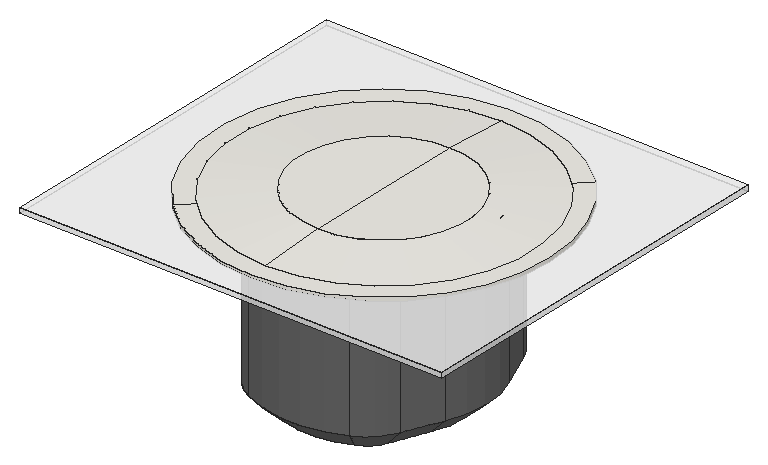
Revit family "PC-1865BS", category Communication Devices, host Face, Revit 2016
Family settings
  Host = Face
  Maintain Annotation Orientation = No
  Part Type = Normal
  Round Connector Dimension = Use Diameter
  OmniClass Number = 23.85.10.11.14
  OmniClass Title = Audio Equipment
  Cut with Voids When Loaded = Yes
  Shared = No
  Room Calculation Point = No
Parameters (values of type "PC- 1865BS")
  r1 = Diameter / 2.5  # 72 mm
  Weight = "860 g (1.9 lb)"
  URL = "http://toa.com.sg"
  Speaker Mounting Method = "Spring Clamp"
  Speaker Component = "12 cm (5\") cone-type"
  Sensitivity = "95 dB (1 W, 1 m) (500 Hz - 5 kHz, pink noise)\r\n93 dB (1 W, 1 m) (100 Hz - 10 kHz, pink noise)\r\n81 dB (1 W, 4 m) (100 Hz - 10 kHz, pink noise)"
  Rated Input = "6 W (100 V line), 3 W (70 V line)"
  Rated Impedance = "100 V line: 1.7k Ω (6 W), 3.3k Ω (3 W), 6.7k Ω (1.5 W), 13k Ω (0.8 W)\r\n70 V line: 1.7k Ω (3 W), 3.3k Ω (1.5 W) 6.7k Ω (0.8 W),13k Ω (0.4 W)"
  Radius = Diameter / 2  # 90 mm
  Operating Temperature = "–10° C to +50° C (14° F to 122° F)"
  Model Type = "Ceiling Mount Speakers"
  Model By = "BIMLIFE PTE LTD"  # constant formula
  Model = "PC-1865BS"
  Mesh = Mesh
  Maximum Sound Pressure Level = "100 dB (6 W, 1 m) (100 Hz - 10 kHz, pink noise)\r\n88 dB (6 W, 4 m) (100 Hz - 10 kHz, pink noise)"
  Manufacturer = "TOA Electronics Pte Ltd"  # constant formula
  Supplier Tel = "+65 6835 9119"  # constant formula
  Supplier Fax = "+65 6835 9559"  # constant formula
  Supplier Address = "491B River Valley Road, #19-03/04 Valley Point Office Tower, Singapore 248373"  # constant formula
  Supplier = "TOA Electronics Pte Ltd"  # constant formula
  Suppiler Email = "http://toa.com.sg"  # constant formula
  Material = OFF-WHITE
  Frequency Response = "200 Hz - 20 kHz (peak -20 dB)"
  Finish = "Frame: Steel plate, white (RAL 9016 equivalent), paint\r\nGrille: Steel net, white (RAL 9016 eauivalent), paint \r\nFire dome: Steel Plate, plate, black, paint"
  Environmental Type = "A (indoor applications)"
  Dimensions for fixing Hole = "Mounting hole: ø150±3 mm (5.91\"±0.12\")\r\nCeiling thickness: 5 - 25 mm (0.2\"- 0.98\")"
  Dimension = "ø180 x 95.6 (D) mm (7.09\" x 3.76\")"
  Diameter = 180 mm
  Default Elevation = 0 mm
  Coverage Angle (-6 dB) = "Horizontal and Vertical: 165°(500 Hz), 175°(1 kHz),\r\n165°(2 kHz), 70°(4 kHz) according to EN 54-24"
  Copyright To = "TOA Electronics Pte Ltd"  # constant formula
  Connection = "2-Steatite connector (2 pole); 1 Screw connection for Earth"
  Applicable Cable = "Solid wire: 0.8 - 6 mm² (AWG 18 - 10)"
  Accessory = "Rubber grommet ... 2, Paper pattern ... 1"
Reference planes
  plane 1 "Center (Front/Back)": y = 0
  plane 2: z = 0
  plane 3 "Center (Left/Right)": x = 0
  plane 4: z = -101
Forms (mm)
  Extrusion 1, solid, material "Surface"
    sketch origin (1.238, -13.929, 0) x (1, 0, 0) y (0, 1, 0)
      loop
        line (-115.316, 118.085) -> (-115.316, -89.567) -> (112.84, -89.567) -> (112.84, 118.085) -> (-115.316, 118.085)
    from 0 to -3
  Revolve 2, solid, material "OFF-WHITE" <- "Material"
    sketch origin (0, 0, 0) x (0.707107, 0.707107, 0) y (0, 0, 1)
      loop
        line (0, 1.8) -> (-90, 1.8) -> (-90, 0) -> (-53, 0)
        spline (-53, 0) -> (-50.088, -4.89) -> (-47.461, -8.624) -> (-45.056, -11.448) -> (-42.812, -13.607) -> (-40.666, -15.344) -> (-38.58, -16.857) -> (-36.56, -18.257) -> (-34.614, -19.652) -> (-32.753, -21.147) -> (-31.052, -22.924) -> (-29.725, -25.322) -> (-29, -28.696)
        line (-29, -28.696) -> (-29, -30.693) -> (0, -30.693) -> (0, 1.8)
      axis (0, 1.8) -> (0, -30.693)
    angle from 0 to 360
  Revolve 3, solid, material "Mesh" <- "Mesh"
    sketch origin (0, 0, 0) x (0, 1, 0) y (0, 0, 1)
      loop
        line (0, 1.8) -> (0, 4.2) -> (-45, 4.2)
        arc (-45, 4.2) -> (-62.541, 3.599) -> (-80, 1.8) r 256.408
        line (-80, 1.8) -> (0, 1.8)
      axis (0, 4.2) -> (0, 1.8)
    angle from 0 to 360
  Extrusion 4, solid, not visible
    sketch origin (43, 0, 0) x (0, -1, 0) y (0, 0, 1)
      loop
        line (-11, -15.693) -> (-11, -25.693) -> (12, -25.693) -> (12, -15.693) -> (-11, -15.693)
      loop
        circle (5.25, -20.693) r 2.5
      loop
        circle (0.5, -23.193) r 1.5
      loop
        circle (10, -23.193) r 1.5
      loop
        circle (0.5, -18.193) r 1.5
      loop
        circle (10, -18.193) r 1.5
      loop
        circle (-4.25, -20.693) r 2.5
      loop
        circle (-9, -23.193) r 1.5
      loop
        circle (-9, -18.193) r 1.5
    from -6 to -8.973
  Extrusion 5, solid, not visible
    sketch origin (43, 0, 0) x (0, -1, 0) y (0, 0, 1)
      loop
        line (-11, -15.693) -> (-11, -25.693) -> (12, -25.693) -> (12, -15.693) -> (-11, -15.693)
    from 0 to -6
  Revolve 6, solid, material "OFF-WHITE" <- "Material"
    sketch origin (0, 0, 0) x (0.707107, 0.707107, 0) y (0, 0, 1)
      loop
        line (0, -65.744) -> (0, -46.44) -> (-29, -46.44) -> (-29, -28.696)
        spline (-29, -28.696) -> (-29.725, -25.322) -> (-31.052, -22.924) -> (-32.753, -21.147) -> (-34.614, -19.652) -> (-36.56, -18.257) -> (-38.58, -16.857) -> (-40.666, -15.344) -> (-42.812, -13.607) -> (-45.056, -11.448) -> (-47.461, -8.624) -> (-50.088, -4.89) -> (-53, 0)
        line (-53, 0) -> (-73.174, 0) -> (-73.174, -4.187)
        arc (-73.174, -4.187) -> (-72.335, -6.211) -> (-70.311, -7.05) r 2.863
        line (-70.311, -7.05) -> (-55.81, -7.05) -> (-55.81, -9.164)
        arc (-55.81, -9.164) -> (-55.362, -10.245) -> (-54.28, -10.693) r 1.529
        line (-54.28, -10.693) -> (-46.641, -10.693)
        arc (-46.641, -10.693) -> (-43.659, -13.859) -> (-40.244, -16.55) r 29.422
        arc (-40.244, -16.55) -> (-36.715, -19.067) -> (-33.323, -21.765) r 82.784
        arc (-33.323, -21.765) -> (-30.872, -24.96) -> (-30, -28.892) r 9.303
        line (-30, -28.892) -> (-30, -36.374) -> (-31.463, -36.374) -> (-31.463, -46.44) -> (-30, -46.44) -> (-30, -47.44) -> (-27.049, -47.44) -> (-27.049, -49.868) -> (-15.874, -49.868) -> (-15.874, -52.112) -> (-13.651, -52.112) -> (-13.651, -53.958) -> (-15.874, -53.958) -> (-15.874, -59.837) -> (-15.091, -59.837) -> (-15.091, -62.056) -> (-15.874, -62.056) -> (-18.448, -63.859) -> (-18.448, -65.744) -> (0, -65.744)
      axis (0, 0) -> (0, -65.744)
    angle from 0 to 360
  Extrusion 7, solid, material "Steel - Black finish"
    sketch origin (-980, 0, 0) x (1, 0, 0) y (0, 1, 0)
      loop
        arc (1036.425, 30.103) -> (1037.294, 29.565) -> (1038.307, 29.709) r 1.5
        arc (1038.307, 29.709) -> (1039.333, 30.901) -> (1039.179, 32.466) r 2
        arc (1039.179, 32.466) -> (980, 67.5) -> (920.821, 32.466) r 67.5
        arc (920.821, 32.466) -> (920.663, 30.916) -> (921.666, 29.723) r 2
        line (921.666, 29.723) -> (928.145, 26.421)
        arc (928.145, 26.421) -> (928.641, 25.848) -> (928.591, 25.091) r 1
        arc (928.591, 25.091) -> (922.795, 0) -> (928.591, -25.091) r 57.205
        arc (928.591, -25.091) -> (928.658, -25.792) -> (928.245, -26.363) r 1
        arc (928.245, -26.363) -> (927.697, -27.02) -> (927.597, -27.871) r 1.5
        arc (927.597, -27.871) -> (929.034, -35.2) -> (923.575, -30.103) r 3.925
        arc (923.575, -30.103) -> (922.706, -29.565) -> (921.693, -29.709) r 1.5
        arc (921.693, -29.709) -> (920.667, -30.901) -> (920.821, -32.466) r 2
        arc (920.821, -32.466) -> (980, -67.5) -> (1039.179, -32.466) r 67.5
        arc (1039.179, -32.466) -> (1039.337, -30.916) -> (1038.334, -29.723) r 2
        line (1038.334, -29.723) -> (1031.855, -26.421)
        arc (1031.855, -26.421) -> (1031.359, -25.848) -> (1031.409, -25.091) r 1
        arc (1031.409, -25.091) -> (1037.205, 0) -> (1031.409, 25.091) r 57.205
        arc (1031.409, 25.091) -> (1031.342, 25.792) -> (1031.755, 26.363) r 1
        arc (1031.755, 26.363) -> (1032.303, 27.02) -> (1032.403, 27.871) r 1.5
        arc (1032.403, 27.871) -> (1030.966, 35.2) -> (1036.425, 30.103) r 3.925
      loop
        line (929.107, -21.9) -> (937.612, -41.665)
        arc (937.612, -41.665) -> (943.701, -50.837) -> (952.626, -57.282) r 30.799
        arc (952.626, -57.282) -> (980, -63.486) -> (1007.373, -57.282) r 63.486
        arc (1007.373, -57.282) -> (1016.299, -50.837) -> (1022.388, -41.665) r 30.799
        line (1022.388, -41.665) -> (1030.893, -21.9)
        arc (1030.893, -21.9) -> (1035.405, 0) -> (1030.893, 21.9) r 55.405
        line (1030.893, 21.9) -> (1022.388, 41.665)
        arc (1022.388, 41.665) -> (1016.299, 50.837) -> (1007.374, 57.282) r 30.799
        arc (1007.374, 57.282) -> (980, 63.486) -> (952.627, 57.282) r 63.486
        arc (952.627, 57.282) -> (943.701, 50.837) -> (937.612, 41.665) r 30.799
        line (937.612, 41.665) -> (929.107, 21.9)
        arc (929.107, 21.9) -> (924.595, 0) -> (929.107, -21.9) r 55.405
    from -10.693 to -7.05
  Extrusion 8, solid, material "Steel - Black finish"
    sketch origin (-980, 0, 0) x (1, 0, 0) y (0, 1, 0)
      loop
        line (929.107, -21.9) -> (937.612, -41.665)
        arc (937.612, -41.665) -> (943.701, -50.837) -> (952.626, -57.282) r 30.799
        arc (952.626, -57.282) -> (980, -63.486) -> (1007.373, -57.282) r 63.486
        arc (1007.373, -57.282) -> (1016.299, -50.837) -> (1022.388, -41.665) r 30.799
        line (1022.388, -41.665) -> (1030.893, -21.9)
        arc (1030.893, -21.9) -> (1035.405, 0) -> (1030.893, 21.9) r 55.405
        line (1030.893, 21.9) -> (1022.388, 41.665)
        arc (1022.388, 41.665) -> (1016.299, 50.837) -> (1007.374, 57.282) r 30.799
        arc (1007.374, 57.282) -> (980, 63.486) -> (952.627, 57.282) r 63.486
        arc (952.627, 57.282) -> (943.701, 50.837) -> (937.612, 41.665) r 30.799
        line (937.612, 41.665) -> (929.107, 21.9)
        arc (929.107, 21.9) -> (924.595, 0) -> (929.107, -21.9) r 55.405
      loop
        line (1029.056, 21.11) -> (1020.551, 40.875)
        arc (1020.551, 40.875) -> (1014.857, 49.451) -> (1006.511, 55.477) r 28.799
        arc (1006.511, 55.477) -> (980, 61.486) -> (953.489, 55.477) r 61.486
        arc (953.489, 55.477) -> (945.143, 49.451) -> (939.449, 40.875) r 28.799
        line (939.449, 40.875) -> (930.944, 21.11)
        arc (930.944, 21.11) -> (926.595, 0) -> (930.944, -21.11) r 53.405
        line (930.944, -21.11) -> (939.449, -40.875)
        arc (939.449, -40.875) -> (945.143, -49.451) -> (953.489, -55.477) r 28.799
        arc (953.489, -55.477) -> (980, -61.486) -> (1006.511, -55.477) r 61.486
        arc (1006.511, -55.477) -> (1014.857, -49.451) -> (1020.551, -40.875) r 28.799
        line (1020.551, -40.875) -> (1029.056, -21.11)
        arc (1029.056, -21.11) -> (1033.405, 0) -> (1029.056, 21.11) r 53.405
    from -81.194 to -10.693
  Blend 9, solid, material "Steel - Black finish"
    base sketch origin (-980, 0, 0) x (1, 0, 0) y (0, 1, 0)
      loop
        line (929.107, -21.9) -> (937.612, -41.665)
        arc (937.612, -41.665) -> (943.701, -50.837) -> (952.626, -57.282) r 30.799
        arc (952.626, -57.282) -> (980, -63.486) -> (1007.373, -57.282) r 63.486
        arc (1007.373, -57.282) -> (1016.299, -50.837) -> (1022.388, -41.665) r 30.799
        line (1022.388, -41.665) -> (1030.888, -21.911)
        arc (1030.888, -21.911) -> (1035.405, 0) -> (1030.888, 21.911) r 55.405
        line (1030.888, 21.911) -> (1022.388, 41.665)
        arc (1022.388, 41.665) -> (1016.299, 50.837) -> (1007.373, 57.282) r 30.799
        arc (1007.373, 57.282) -> (980, 63.486) -> (952.627, 57.282) r 63.486
        arc (952.627, 57.282) -> (943.701, 50.837) -> (937.612, 41.665) r 30.799
        line (937.612, 41.665) -> (929.107, 21.9)
        arc (929.107, 21.9) -> (924.595, 0) -> (929.107, -21.9) r 55.405
    top sketch origin (-980, 0, 0) x (1, 0, 0) y (0, 1, 0)
      loop
        arc (1002.132, 47.153) -> (980, 52.089) -> (957.868, 47.153) r 52.089
        arc (957.868, 47.153) -> (951.993, 42.957) -> (947.992, 36.953) r 19.999
        line (947.992, 36.953) -> (939.58, 17.403)
        arc (939.58, 17.403) -> (935.992, 0) -> (939.58, -17.403) r 44.008
        line (939.58, -17.403) -> (947.992, -36.953)
        arc (947.992, -36.953) -> (951.993, -42.957) -> (957.864, -47.151) r 19.999
        arc (957.864, -47.151) -> (979.995, -52.089) -> (1002.132, -47.153) r 52.089
        arc (1002.132, -47.153) -> (1008.007, -42.957) -> (1012.008, -36.953) r 19.999
        line (1012.008, -36.953) -> (1020.42, -17.403)
        arc (1020.42, -17.403) -> (1024.008, 0) -> (1020.42, 17.403) r 44.008
        line (1020.42, 17.403) -> (1012.008, 36.953)
        arc (1012.008, 36.953) -> (1008.007, 42.957) -> (1002.132, 47.153) r 19.999
    from -81.194 to -91.9
  Extrusion 10, void
    sketch origin (0, 0, 0) x (1, 0, 0) y (0, 1, 0)
      loop
        circle (25, 0) r 10.25
      loop
        circle (-25, 0) r 10.25
    from -91.9 to -81.194
  Extrusion 11, solid
    sketch origin (0, 0, 0) x (1, 0, 0) y (0, 1, 0)
      loop
        circle (-52.871, -31.768) r 3.925
      loop
        circle (-60, -14.3) r 3.925
      loop
        circle (-60, 14.3) r 3.925
      loop
        circle (52.871, 31.768) r 3.925
      loop
        circle (60, 14.3) r 3.925
      loop
        circle (60, -14.3) r 3.925
    from -8.525 to -7.05
  Extrusion 12, solid
    sketch origin (0, 0, 0) x (1, 0, 0) y (0, 1, 0)
      loop
        circle (0, 0) r 4.75
    from -92.248 to -91.9
Cuts and joins
  Extrusion 10 cuts Revolve 3
  Extrusion 10 cuts Revolve 2
  Extrusion 10 cuts Blend 9
Lines and regions (mm)
  model lines
    curve 1: line (-60, 16.3, -8.525) -> (-60, 12.3, -8.525)
    curve 2: line (-62, 14.3, -8.525) -> (-58, 14.3, -8.525)
    curve 3: line (-60, -12.3, -8.525) -> (-60, -16.3, -8.525)
    curve 4: line (-62, -14.3, -8.525) -> (-58, -14.3, -8.525)
    curve 5: line (-52.769, -29.77, -8.525) -> (-52.973, -33.765, -8.525)
    curve 6: line (-54.868, -31.666, -8.525) -> (-50.873, -31.87, -8.525)
    curve 7: line (60, -12.3, -8.525) -> (60, -16.3, -8.525)
    curve 8: line (58, -14.3, -8.525) -> (62, -14.3, -8.525)
    curve 9: line (58.322, 15.388, -8.525) -> (61.678, 13.212, -8.525)
    curve 10: line (61.088, 15.978, -8.525) -> (58.912, 12.622, -8.525)
    curve 11: line (51.193, 32.856, -8.525) -> (54.548, 30.679, -8.525)
    curve 12: line (53.959, 33.446, -8.525) -> (51.857, 30.205, -8.525)
    curve 13: line (-1.994, 0, -92.248) -> (1.994, 0, -92.248)
    curve 14: line (0, 1.994, -92.248) -> (0, -1.994, -92.248)
Dimensions and locks
  aligned and locked: plane 2 to Extrusion 1
  aligned and locked: level to Extrusion 1
